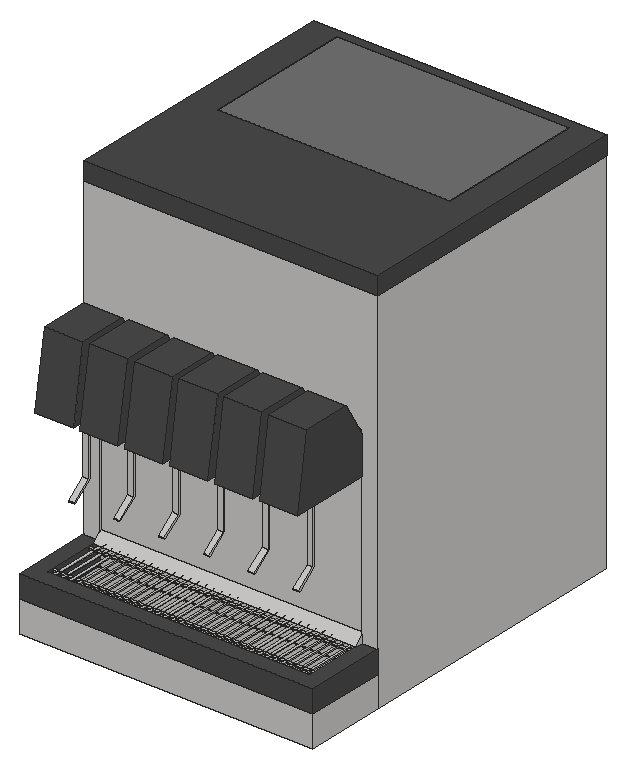
Revit family "QF_LANCER_CED 1500 STD_cat", category Specialty Equipment, Revit 2012
Parameters
  Width [instance] = 19 3/16"  # constant formula
  Weight in Pounds = 130
  Watts = 0 W
  Waste Water Discharge Temperature [instance] = -459.67 °F
  Volts = 115 V
  URL Cutsheet = "www.lancercorp.com"
  URL = "www.lancercorp.com"
  Type Mark [instance] = ""
  Status [instance] = ""
  Specification by User [instance] = ""
  Specification by Manufacturer = ""
  Show Legs [instance] = no
  Show Clearance [instance] = no
  Show 5 Valves [instance] = no
  Serial Number = ""
  Seismic Rating = ""
  SMACNA No = ""
  Revision Code [instance] = ""
  Refrigerant Type = "R134A"
  Plumbing Remarks [instance] = ""
  Plumbing Connection Type [instance] = ""
  Phase = 0
  Omniclass Number and Title = ""
  Number of Poles [instance] = 1
  NAFEM Spec ID Number = ""
  Model = "CED 1500 STD"
  Min Ckt Ampacity = 0 A
  Max Overcurrent Protection = 0 A
  Masterspec = ""
  Manufacturer = "LANCER"
  Legs [instance] = yes
  Item Number [instance] = ""
  Installed By [instance] = ""
  Indirect Waste Size = 3/4"
  Indirect Waste Flow [instance] = 0 GPM
  Indirect Waste Connection Type [instance] = ""
  Indirect Waste Connection Height = 0"
  Identify Quantity as Lot [instance] = yes
  Height [instance] = 25 3/8"  # constant formula
  HP = "1/3"
  Furnished By [instance] = ""
  Foodservice Equipment Identifier [instance] = yes
  FL Amps = 7.8 A
  Electrical Remarks [instance] = ""
  Electric Connection Type [instance] = ""
  Elec Conn RI Height [instance] = 0"
  Elec Conn Connection Height [instance] = 0"
  Description = "COUNTER ELECTRIC DISPENSER"
  Depth [instance] = 24"  # constant formula
  Cycle = 60 Hz
  Conn Plug = ""
  Conn Conduit = yes
  Cold Water Temperature Recommended [instance] = 0 °F
  Cold Water Size = 3/8"
  Cold Water RI Height [instance] = 0"
  Cold Water Minimum Pressure = 0.00 psi
  Cold Water Maximum Pressure = 0.00 psi
  Cold Water Flow [instance] = 0 GPM
  Cold Water Consumption = ""
  Cold Water Connection Height = 0"
  CSI MasterFormat = ""
  CSI Master Format = ""
  Base Height [instance] = if(Show Legs, 4", 0")  # 0"
  Apparent Power = if(Phase = 3, Volts * FL Amps * 1.73, Volts * FL Amps)  # 897 VA
  6 Valves [instance] = if(Show 5 Valves, 5, 6)  # 6
Reference planes (in)
  plane 1 "BACK": y = 0
  plane 2: z = 0
  plane 3 "LEFT": x = 0
  plane 4 "RIGHT": x = 19.1875
  plane 5 "FRONT": y = -24
  plane 6 "TOP": z = 25.375
  plane 7: x = 9.59375
  plane 8: y = -12
  plane 9: y = -18.75
  plane 10 "Base": z = 0
  plane 11: z = 3.5
  plane 12: z = 13.25
  plane 13: z = 24.1875
  plane 14: x = 2.25
  plane 15: x = 5.08367
  plane 16: x = 2.45867
  plane 17: x = 18.9375
  plane 18: x = 4.33367
  plane 19: x = 1.70867
  plane 20: x = 1
  plane 21: x = 18.1875
  plane 22: x = 16.92826
  plane 23: x = 19.76194
  plane 24: x = 17.13694
  plane 25: x = 5.18565
  plane 26: x = 8.01933
  plane 27: x = 5.39433
  plane 28: x = 8.12131
  plane 29: x = 10.95498
  plane 30: x = 8.32998
  plane 31: x = 11.05696
  plane 32: x = 13.89063
  plane 33: x = 11.26563
  plane 34: x = 13.99261
  plane 35: x = 16.82628
  plane 36: x = 14.20128
  plane 37: z = 19.73831
Forms (in)
  Extrusion 1, solid, material "QF_Finishes_Stainless Steel"
    sketch origin (-4.95282, -180, 0) x (-1, 0, 0) y (0, -1, 0)
      loop
        line (-4.95282, -161.25) -> (-24.14032, -161.25) -> (-24.14032, -179.9375) -> (-4.95282, -179.9375) -> (-4.95282, -161.25)
    from 0 to 24.19795
  Extrusion 2, solid, material "QF_Finishes_Black"
    sketch origin (-4.95282, -180, 24.19795) x (-1, 0, 0) y (0, -1, 0)
      loop
        line (-4.95282, -180) -> (-4.95282, -161.25) -> (-24.14032, -161.25) -> (-24.14032, -180) -> (-4.95282, -180)
      loop
        line (-6.95282, -169.6875) -> (-22.14032, -169.6875) -> (-22.14032, -179.4375) -> (-6.95282, -179.4375) -> (-6.95282, -169.6875)
    from 0 to 1.1875
  Extrusion 3, solid, material "QF_Finishes_Stainless Steel"
    sketch origin (-4.83017, -180, 0) x (-1, 0, 0) y (0, -1, 0)
      loop
        line (-4.83017, -161.25) -> (-4.83017, -156) -> (-24.01767, -156) -> (-24.01767, -161.25) -> (-4.83017, -161.25)
      loop
        line (-4.95366, -161.12651) -> (-4.95366, -156.12349) -> (-23.89418, -156.12349) -> (-23.89418, -161.12651) -> (-4.95366, -161.12651)
    from 0 to 2
  Extrusion 4, solid, material "QF_Finishes_Stainless Steel"
    sketch origin (-4.83017, -180, 0) x (-1, 0, 0) y (0, -1, 0)
      loop
        line (-4.95366, -161.125) -> (-4.95366, -156.12349) -> (-23.89418, -156.12349) -> (-23.89418, -161.125) -> (-4.95366, -161.125)
    from 0 to 0.25
  Sweep 5, solid, material "QF_Finishes_Black"
    path in 3D
      loop
        line (0, -18.75, 2) -> (0, -24, 2) -> (19.1875, -24, 2) -> (19.1875, -18.75, 2)
    profile origin (0, -21.375, 2) x (1, 0, 0) y (0, 0, 1)
      loop
        line (1, 0) -> (1, 1.5) -> (0, 1.5) -> (0, 0) -> (1, 0)
  Extrusion 6, solid, material "QF_Finishes_Stainless Steel"
    sketch origin (-4.86589, 0, -12.75) x (1, 0, 0) y (0, 0, 1)
      loop
        circle (6.21382, 16.13599) r 0.06312
      loop
        circle (6.72697, 16.13599) r 0.06312
      loop
        circle (7.24013, 16.13599) r 0.06312
      loop
        circle (7.75329, 16.13599) r 0.06312
      loop
        circle (8.26645, 16.13599) r 0.06312
      loop
        circle (8.77961, 16.13599) r 0.06312
      loop
        circle (9.29276, 16.13599) r 0.06312
      loop
        circle (9.80592, 16.13599) r 0.06312
      loop
        circle (10.31908, 16.13599) r 0.06312
      loop
        circle (10.83224, 16.13599) r 0.06312
      loop
        circle (11.34539, 16.13599) r 0.06312
      loop
        circle (11.85855, 16.13599) r 0.06312
      loop
        circle (12.37171, 16.13599) r 0.06312
      loop
        circle (12.88487, 16.13599) r 0.06312
      loop
        circle (13.39803, 16.13599) r 0.06312
      loop
        circle (13.91118, 16.13599) r 0.06312
      loop
        circle (14.42434, 16.13599) r 0.06312
      loop
        circle (14.9375, 16.13599) r 0.06312
      loop
        circle (15.45066, 16.13599) r 0.06312
      loop
        circle (15.96382, 16.13599) r 0.06312
      loop
        circle (16.47697, 16.13599) r 0.06312
      loop
        circle (16.99013, 16.13599) r 0.06312
      loop
        circle (17.50329, 16.13599) r 0.06312
      loop
        circle (18.01645, 16.13599) r 0.06312
      loop
        circle (18.52961, 16.13599) r 0.06312
      loop
        circle (19.04276, 16.13599) r 0.06312
      loop
        circle (19.55592, 16.13599) r 0.06312
      loop
        circle (20.06908, 16.13599) r 0.06312
      loop
        circle (20.58224, 16.13599) r 0.06312
      loop
        circle (21.09539, 16.13599) r 0.06312
      loop
        circle (21.60855, 16.13599) r 0.06312
      loop
        circle (22.12171, 16.13599) r 0.06312
      loop
        circle (22.63487, 16.13599) r 0.06312
    from 18.75 to 23
  Extrusion 7, solid, material "QF_Finishes_Stainless Steel"
    sketch origin (9.59375, 11.66928, 35.25) x (0, 1, 0) y (0, 0, 1)
      loop
        circle (-34.16267, -31.86381) r 0.06338
      loop
        circle (-31.22483, -31.86381) r 0.06338
    from -8.59375 to 8.59375
  Extrusion 8, solid, material "QF_Finishes_Stainless Steel"
    sketch origin (0, 0.125, 0) x (0, 1, 0) y (0, 0, 1)
      loop
        line (-18.75, 4.10401) -> (-19.35401, 3.5) -> (-18.75, 3.5) -> (-18.75, 4.10401)
    from 1 to 18.1875
  Extrusion 9, solid, material "QF_Finishes_Stainless Steel"
    sketch origin (0, -0.0625, 11.44042) x (1, 0, 0) y (0, 0, -1)
      loop
        circle (9.59375, -0.6875) r 0.25
      loop
        circle (18, 10.25292) r 0.1875
    from 0 to 0.0625
  Extrusion 10, solid, material "QF_Finishes_Rubber Black"
    sketch origin (-4.95282, -180, 24.19795) x (-1, 0, 0) y (0, -1, 0)
      loop
        line (-22.14032, -179.4375) -> (-6.95282, -179.4375) -> (-6.95282, -169.6875) -> (-22.14032, -169.6875) -> (-22.14032, -179.4375)
    from 0 to 1.1875
  Extrusion 11, solid, material "QF_Finishes_Black"
    sketch origin (4.07258, 4.11716, -2.375) x (0, 1, 0) y (0, 0, -1)
      loop
        line (-27.34946, -20.375) -> (-24.15857, -20.375) -> (-22.86716, -18.13821) -> (-22.86716, -15.625) -> (-28.11716, -15.625) -> (-27.34946, -20.375)
    from 0.57258 to 3.07258
  Extrusion 12, solid, material "QF_Finishes_Black"
    sketch origin (-4.57258, 4.11716, -3.19033) x (1, 0, 0) y (0, 1, 0)
      loop
        circle (6.82258, -26.65163) r 0.5
    from 15.81486 to 16.44033
  Sweep 13, solid, material "QF_Finishes_Stainless Steel"
    path origin (0.55242, 4.11716, -3.19033) x (0, 1, 0) y (0, 0, 1)
      loop
        line (-25.46144, 16.44033) -> (-25.46144, 11.90908) -> (-26.65939, 11.00636)
    profile origin (0.55242, -21.34428, 10.98437) x (1, 0, 0) y (0, 1, 0)
      loop
        line (1.51008, 0) -> (1.51008, -0.0625) -> (1.88508, -0.0625) -> (1.88508, 0) -> (1.51008, 0)
  Extrusion 14, solid, material "QF_Finishes_Black", not visible
    sketch origin (3.32258, 4.11716, 14.375) x (0, 1, 0) y (0, 0, -1)
      loop
        line (-27.34946, -20.375) -> (-24.15857, -20.375) -> (-22.86716, -18.13821) -> (-22.86716, -15.625) -> (-28.11716, -15.625) -> (-27.34946, -20.375)
    from 0.57258 to 3.07258
  Extrusion 15, solid, material "QF_Finishes_Black", not visible
    sketch origin (-5.32258, 4.11716, 13.55967) x (1, 0, 0) y (0, 1, 0)
      loop
        circle (6.82258, -26.65163) r 0.5
    from 15.81486 to 16.44033
  Extrusion 16, void
    sketch origin (19.1875, -18.75, 0) x (-1, 0, 0) y (0, 0, -1)
      loop
        line (18.1875, -16.05327) -> (18.1875, -3.5) -> (1, -3.5) -> (1, -16.05327) -> (18.1875, -16.05327)
    from 0.08328 to -0.125
  Extrusion 17, solid, material "QF_Finishes_Black"
    sketch origin (18.75084, 4.11716, -2.375) x (0, 1, 0) y (0, 0, -1)
      loop
        line (-27.34946, -20.375) -> (-24.15857, -20.375) -> (-22.86716, -18.13821) -> (-22.86716, -15.625) -> (-28.11716, -15.625) -> (-27.34946, -20.375)
    from 0.57258 to 3.07258
  Extrusion 18, solid, material "QF_Finishes_Black"
    sketch origin (10.10569, 4.11716, -3.19033) x (1, 0, 0) y (0, 1, 0)
      loop
        circle (6.82258, -26.65163) r 0.5
    from 15.81486 to 16.44033
  Sweep 19, solid, material "QF_Finishes_Stainless Steel"
    path origin (15.23069, 4.11716, -3.19033) x (0, 1, 0) y (0, 0, 1)
      loop
        line (-25.46144, 16.44033) -> (-25.46144, 11.90908) -> (-26.65939, 11.00636)
    profile origin (15.23069, -21.34428, 10.98437) x (1, 0, 0) y (0, 1, 0)
      loop
        line (1.51008, 0) -> (1.51008, -0.0625) -> (1.88508, -0.0625) -> (1.88508, 0) -> (1.51008, 0)
  Extrusion 20, solid, material "QF_Finishes_Black"
    sketch origin (7.00823, 4.11716, -2.375) x (0, 1, 0) y (0, 0, -1)
      loop
        line (-27.34946, -20.375) -> (-24.15857, -20.375) -> (-22.86716, -18.13821) -> (-22.86716, -15.625) -> (-28.11716, -15.625) -> (-27.34946, -20.375)
    from 0.57258 to 3.07258
  Extrusion 21, solid, material "QF_Finishes_Black"
    sketch origin (-1.63692, 4.11716, -3.19033) x (1, 0, 0) y (0, 1, 0)
      loop
        circle (6.82258, -26.65163) r 0.5
    from 15.81486 to 16.44033
  Sweep 22, solid, material "QF_Finishes_Stainless Steel"
    path origin (3.48808, 4.11716, -3.19033) x (0, 1, 0) y (0, 0, 1)
      loop
        line (-25.46144, 16.44033) -> (-25.46144, 11.90908) -> (-26.65939, 11.00636)
    profile origin (3.48808, -21.34428, 10.98437) x (1, 0, 0) y (0, 1, 0)
      loop
        line (1.51008, 0) -> (1.51008, -0.0625) -> (1.88508, -0.0625) -> (1.88508, 0) -> (1.51008, 0)
  Extrusion 23, solid, material "QF_Finishes_Black"
    sketch origin (9.94388, 4.11716, -2.375) x (0, 1, 0) y (0, 0, -1)
      loop
        line (-27.34946, -20.375) -> (-24.15857, -20.375) -> (-22.86716, -18.13821) -> (-22.86716, -15.625) -> (-28.11716, -15.625) -> (-27.34946, -20.375)
    from 0.57258 to 3.07258
  Extrusion 24, solid, material "QF_Finishes_Black"
    sketch origin (1.29873, 4.11716, -3.19033) x (1, 0, 0) y (0, 1, 0)
      loop
        circle (6.82258, -26.65163) r 0.5
    from 15.81486 to 16.44033
  Sweep 25, solid, material "QF_Finishes_Stainless Steel"
    path origin (6.42373, 4.11716, -3.19033) x (0, 1, 0) y (0, 0, 1)
      loop
        line (-25.46144, 16.44033) -> (-25.46144, 11.90908) -> (-26.65939, 11.00636)
    profile origin (6.42373, -21.34428, 10.98437) x (1, 0, 0) y (0, 1, 0)
      loop
        line (1.51008, 0) -> (1.51008, -0.0625) -> (1.88508, -0.0625) -> (1.88508, 0) -> (1.51008, 0)
  Extrusion 26, solid, material "QF_Finishes_Black"
    sketch origin (12.87954, 4.11716, -2.375) x (0, 1, 0) y (0, 0, -1)
      loop
        line (-27.34946, -20.375) -> (-24.15857, -20.375) -> (-22.86716, -18.13821) -> (-22.86716, -15.625) -> (-28.11716, -15.625) -> (-27.34946, -20.375)
    from 0.57258 to 3.07258
  Extrusion 27, solid, material "QF_Finishes_Black"
    sketch origin (4.23438, 4.11716, -3.19033) x (1, 0, 0) y (0, 1, 0)
      loop
        circle (6.82258, -26.65163) r 0.5
    from 15.81486 to 16.44033
  Sweep 28, solid, material "QF_Finishes_Stainless Steel"
    path origin (9.35938, 4.11716, -3.19033) x (0, 1, 0) y (0, 0, 1)
      loop
        line (-25.46144, 16.44033) -> (-25.46144, 11.90908) -> (-26.65939, 11.00636)
    profile origin (9.35938, -21.34428, 10.98437) x (1, 0, 0) y (0, 1, 0)
      loop
        line (1.51008, 0) -> (1.51008, -0.0625) -> (1.88508, -0.0625) -> (1.88508, 0) -> (1.51008, 0)
  Extrusion 29, solid, material "QF_Finishes_Black"
    sketch origin (15.81519, 4.11716, -2.375) x (0, 1, 0) y (0, 0, -1)
      loop
        line (-27.34946, -20.375) -> (-24.15857, -20.375) -> (-22.86716, -18.13821) -> (-22.86716, -15.625) -> (-28.11716, -15.625) -> (-27.34946, -20.375)
    from 0.57258 to 3.07258
  Extrusion 30, solid, material "QF_Finishes_Black"
    sketch origin (7.17003, 4.11716, -3.19033) x (1, 0, 0) y (0, 1, 0)
      loop
        circle (6.82258, -26.65163) r 0.5
    from 15.81486 to 16.44033
  Sweep 31, solid, material "QF_Finishes_Stainless Steel"
    path origin (12.29503, 4.11716, -3.19033) x (0, 1, 0) y (0, 0, 1)
      loop
        line (-25.46144, 16.44033) -> (-25.46144, 11.90908) -> (-26.65939, 11.00636)
    profile origin (12.29503, -21.34428, 10.98437) x (1, 0, 0) y (0, 1, 0)
      loop
        line (1.51008, 0) -> (1.51008, -0.0625) -> (1.88508, -0.0625) -> (1.88508, 0) -> (1.51008, 0)
  Revolve 32, solid, material "QF_Finishes_Stainless Steel"
    sketch origin (17.56792, 33.43065, -12.75) x (0, -1, 0) y (0, 0, 1)
      loop
        line (34.80565, 12.75) -> (35.19933, 12.75) -> (35.19933, 13.38122) -> (35.41717, 13.38122) -> (35.55191, 16.75) -> (34.80565, 16.75) -> (34.80565, 12.75)
      axis (34.80565, 16.75) -> (34.80565, 12.75)
    angle from 0 to 360
  Revolve 33, solid, material "QF_Finishes_Stainless Steel", not visible
    sketch origin (17.63042, 33.43065, 0) x (0, -1, 0) y (0, 0, 1)
      loop
        line (34.80565, 12.75) -> (35.19933, 12.75) -> (35.19933, 13.38122) -> (35.41717, 13.38122) -> (35.55191, 16.75) -> (34.80565, 16.75) -> (34.80565, 12.75)
      axis (34.80565, 16.75) -> (34.80565, 12.75)
    angle from 0 to 360
  Revolve 34, solid, material "QF_Finishes_Stainless Steel"
    sketch origin (17.55708, -18.18065, -12.75) x (0, 1, 0) y (0, 0, 1)
      loop
        line (1.55565, 12.75) -> (1.55565, 16.75) -> (0.80939, 16.75) -> (0.94413, 13.38122) -> (1.16197, 13.38122) -> (1.16197, 12.75) -> (1.55565, 12.75)
      axis (1.55565, 16.75) -> (1.55565, 12.75)
    angle from 0 to 360
  Revolve 35, solid, material "QF_Finishes_Stainless Steel"
    sketch origin (1.55708, -2.93065, -12.75) x (0, 1, 0) y (0, 0, 1)
      loop
        line (1.55565, 12.75) -> (1.55565, 16.75) -> (0.80939, 16.75) -> (0.94413, 13.38122) -> (1.16197, 13.38122) -> (1.16197, 12.75) -> (1.55565, 12.75)
      axis (1.55565, 16.75) -> (1.55565, 12.75)
    angle from 0 to 360
  Revolve 36, solid, material "QF_Finishes_Stainless Steel"
    sketch origin (1.55708, -18.18065, -12.75) x (0, 1, 0) y (0, 0, 1)
      loop
        line (1.55565, 12.75) -> (1.55565, 16.75) -> (0.80939, 16.75) -> (0.94413, 13.38122) -> (1.16197, 13.38122) -> (1.16197, 12.75) -> (1.55565, 12.75)
      axis (1.55565, 16.75) -> (1.55565, 12.75)
    angle from 0 to 360
  Revolve 37, solid, material "QF_Finishes_Stainless Steel"
    sketch origin (17.55708, -18.18065, -12.75) x (0, 1, 0) y (0, 0, 1)
      loop
        line (1.55565, 12.75) -> (1.55565, 16.75) -> (0.80939, 16.75) -> (0.94413, 13.38122) -> (1.16197, 13.38122) -> (1.16197, 12.75) -> (1.55565, 12.75)
      axis (1.55565, 16.75) -> (1.55565, 12.75)
    angle from 0 to 360
  Revolve 38, solid, material "QF_Finishes_Stainless Steel"
    sketch origin (17.55708, -2.93065, -12.75) x (0, 1, 0) y (0, 0, 1)
      loop
        line (1.55565, 12.75) -> (1.55565, 16.75) -> (0.80939, 16.75) -> (0.94413, 13.38122) -> (1.16197, 13.38122) -> (1.16197, 12.75) -> (1.55565, 12.75)
      axis (1.55565, 16.75) -> (1.55565, 12.75)
    angle from 0 to 360
  Revolve 39, solid, material "QF_Finishes_Stainless Steel"
    sketch origin (17.55708, -18.18065, -12.75) x (0, 1, 0) y (0, 0, 1)
      loop
        line (1.55565, 12.75) -> (1.55565, 16.75) -> (0.80939, 16.75) -> (0.94413, 13.38122) -> (1.16197, 13.38122) -> (1.16197, 12.75) -> (1.55565, 12.75)
      axis (1.55565, 16.75) -> (1.55565, 12.75)
    angle from 0 to 360
  Extrusion 40, solid, material "QF_Finishes_Stainless Steel"
    sketch origin (-4.62857, -179.76314, 0) x (0, -1, 0) y (-1, 0, 0)
      loop
        circle (-158.38814, -14.22232) r 0.375
    from 0 to 0.0625
Cuts and joins
  Extrusion 16 cuts Extrusion 1
Lines and regions (in)
  Split face 1
    outline origin (7.71773, -23.23196, 18.00209) x (0, -0.159551, -0.98719) y (1, 0, 0)
      loop
        line (3.50126, -4.28023) -> (0.06462, -4.28023) -> (0.06462, -6.65523) -> (3.50126, -6.65523) -> (3.50126, -4.28023)
  Split face 2, not visible
    outline origin (6.96773, -23.23196, 34.75209) x (0, -0.159551, -0.98719) y (1, 0, 0)
      loop
        line (3.50126, -4.28023) -> (0.06462, -4.28023) -> (0.06462, -6.65523) -> (3.50126, -6.65523) -> (3.50126, -4.28023)
  Split face 3
    outline origin (22.396, -23.23196, 18.00209) x (0, -0.159551, -0.98719) y (1, 0, 0)
      loop
        line (3.50126, -4.28023) -> (0.06462, -4.28023) -> (0.06462, -6.65523) -> (3.50126, -6.65523) -> (3.50126, -4.28023)
  Split face 4
    outline origin (10.65339, -23.23196, 18.00209) x (0, -0.159551, -0.98719) y (1, 0, 0)
      loop
        line (3.50126, -4.28023) -> (0.06462, -4.28023) -> (0.06462, -6.65523) -> (3.50126, -6.65523) -> (3.50126, -4.28023)
  Split face 5
    outline origin (13.58904, -23.23196, 18.00209) x (0, -0.159551, -0.98719) y (1, 0, 0)
      loop
        line (3.50126, -4.28023) -> (0.06462, -4.28023) -> (0.06462, -6.65523) -> (3.50126, -6.65523) -> (3.50126, -4.28023)
  Split face 6
    outline origin (16.52469, -23.23196, 18.00209) x (0, -0.159551, -0.98719) y (1, 0, 0)
      loop
        line (3.50126, -4.28023) -> (0.06462, -4.28023) -> (0.06462, -6.65523) -> (3.50126, -6.65523) -> (3.50126, -4.28023)
  Split face 7
    outline origin (19.46035, -23.23196, 18.00209) x (0, -0.159551, -0.98719) y (1, 0, 0)
      loop
        line (3.50126, -4.28023) -> (0.06462, -4.28023) -> (0.06462, -6.65523) -> (3.50126, -6.65523) -> (3.50126, -4.28023)
  Split face 8
    outline origin (-4.95282, -180, 25.38545) x (-1, 0, 0) y (0, -1, 0)
      loop
        line (-6.95282, -179.16234) -> (-22.14032, -179.16234)
      loop
        line (-6.95282, -178.66234) -> (-22.14032, -178.66234)
      loop
        line (-6.95282, -178.16234) -> (-22.14032, -178.16234)
      loop
        line (-6.95282, -177.66234) -> (-22.14032, -177.66234)
      loop
        line (-6.95282, -177.16234) -> (-22.14032, -177.16234)
      loop
        line (-6.95282, -176.66234) -> (-22.14032, -176.66234)
      loop
        line (-6.95282, -176.16234) -> (-22.14032, -176.16234)
      loop
        line (-6.95282, -175.66234) -> (-22.14032, -175.66234)
      loop
        line (-6.95282, -175.16234) -> (-22.14032, -175.16234)
      loop
        line (-6.95282, -174.66234) -> (-22.14032, -174.66234)
      loop
        line (-6.95282, -174.16234) -> (-22.14032, -174.16234)
      loop
        line (-6.95282, -173.66234) -> (-22.14032, -173.66234)
      loop
        line (-6.95282, -173.16234) -> (-22.14032, -173.16234)
      loop
        line (-6.95282, -172.66234) -> (-22.14032, -172.66234)
      loop
        line (-6.95282, -172.16234) -> (-22.14032, -172.16234)
      loop
        line (-6.95282, -171.66234) -> (-22.14032, -171.66234)
      loop
        line (-6.95282, -171.16234) -> (-22.14032, -171.16234)
      loop
        line (-6.95282, -170.66234) -> (-22.14032, -170.66234)
      loop
        line (-6.95282, -170.16234) -> (-22.14032, -170.16234)
  Split face 9
    outline origin (19.1875, -18.75, 24.19795) x (0, 0, -1) y (0, 1, 0)
      loop
        line (8.58464, 0) -> (8.58464, 18.6875)
  Split face 10
    outline origin (0, -0.0625, 24.19795) x (0, 0, -1) y (0, -1, 0)
      loop
        line (8.58464, 18.6875) -> (8.58464, 0)
  Split face 11
    outline origin (0, -18.75, 11.44795) x (0, 0, -1) y (1, 0, 0)
      loop
        line (-4.16536, 0) -> (-4.16536, 1)
      loop
        line (-4.16536, 18.1875) -> (-4.16536, 19.1875)
  symbolic lines
    curve 1: line (0, -24, 0) -> (19.1875, -24, 0)
    curve 2: line (19.1875, -18.75, 0) -> (0, -18.75, 0)
    curve 3: line (0, -18.75, 0) -> (0, -24, 0)
    curve 7: line (19.1875, 0, 0) -> (0, 0, 0)
    curve 8: line (19.1875, -24, 0) -> (19.1875, 0, 0)
    curve 9: line (0, 0, 0) -> (0, -18.75, 0)
    curve 10: line (3.5, -19.7623, 0) -> (1, -19.7623, 0)
    curve 11: line (1, -18.75, 0) -> (1, -24, 0)
    curve 12: line (3.5, -24, 0) -> (3.5, -18.75, 0)
    curve 13: line (1, -23.41592, 0) -> (3.5, -23.41592, 0)
    curve 14: line (18.17826, -19.7623, 0) -> (15.67826, -19.7623, 0)
    curve 15: line (15.67826, -18.75, 0) -> (15.67826, -24, 0)
    curve 16: line (18.17826, -24, 0) -> (18.17826, -18.75, 0)
    curve 17: line (15.67826, -23.41592, 0) -> (18.17826, -23.41592, 0)
    curve 18: line (6.43565, -19.7623, 0) -> (3.93565, -19.7623, 0)
    curve 19: line (3.93565, -18.75, 0) -> (3.93565, -24, 0)
    curve 20: line (6.43565, -24, 0) -> (6.43565, -18.75, 0)
    curve 21: line (3.93565, -23.41592, 0) -> (6.43565, -23.41592, 0)
    curve 22: line (9.37131, -19.7623, 0) -> (6.87131, -19.7623, 0)
    curve 23: line (6.87131, -18.75, 0) -> (6.87131, -24, 0)
    curve 24: line (9.37131, -24, 0) -> (9.37131, -18.75, 0)
    curve 25: line (6.87131, -23.41592, 0) -> (9.37131, -23.41592, 0)
    curve 26: line (12.30696, -19.7623, 0) -> (9.80696, -19.7623, 0)
    curve 27: line (9.80696, -18.75, 0) -> (9.80696, -24, 0)
    curve 28: line (12.30696, -24, 0) -> (12.30696, -18.75, 0)
    curve 29: line (9.80696, -23.41592, 0) -> (12.30696, -23.41592, 0)
    curve 30: line (15.24261, -19.7623, 0) -> (12.74261, -19.7623, 0)
    curve 31: line (12.74261, -18.75, 0) -> (12.74261, -24, 0)
    curve 32: line (15.24261, -24, 0) -> (15.24261, -18.75, 0)
    curve 33: line (12.74261, -23.41592, 0) -> (15.24261, -23.41592, 0)
    curve 34: line (17.1875, -0.5625, 0) -> (2, -0.5625, 0)
    curve 35: line (2, -0.5625, 0) -> (2, -10.3125, 0)
    curve 36: line (17.1875, -10.3125, 0) -> (17.1875, -0.5625, 0)
    curve 37: line (2, -10.3125, 0) -> (17.1875, -10.3125, 0)
    curve 38: line (2, -0.83766, 0) -> (17.1875, -0.83766, 0)
    curve 39: line (2, -1.33766, 0) -> (17.1875, -1.33766, 0)
    curve 40: line (2, -1.83766, 0) -> (17.1875, -1.83766, 0)
    curve 41: line (2, -2.33766, 0) -> (17.1875, -2.33766, 0)
    curve 42: line (2, -2.83766, 0) -> (17.1875, -2.83766, 0)
    curve 43: line (2, -3.33766, 0) -> (17.1875, -3.33766, 0)
    curve 44: line (2, -3.83766, 0) -> (17.1875, -3.83766, 0)
    curve 45: line (2, -4.33766, 0) -> (17.1875, -4.33766, 0)
    curve 46: line (2, -4.83766, 0) -> (17.1875, -4.83766, 0)
    curve 47: line (2, -5.33766, 0) -> (17.1875, -5.33766, 0)
    curve 48: line (2, -5.83766, 0) -> (17.1875, -5.83766, 0)
    curve 49: line (2, -6.33766, 0) -> (17.1875, -6.33766, 0)
    curve 50: line (2, -6.83766, 0) -> (17.1875, -6.83766, 0)
    curve 51: line (2, -7.33766, 0) -> (17.1875, -7.33766, 0)
    curve 52: line (2, -7.83766, 0) -> (17.1875, -7.83766, 0)
    curve 53: line (2, -8.33766, 0) -> (17.1875, -8.33766, 0)
    curve 54: line (2, -8.83766, 0) -> (17.1875, -8.83766, 0)
    curve 55: line (2, -9.33766, 0) -> (17.1875, -9.33766, 0)
    curve 56: line (17.1875, -9.83766, 0) -> (2, -9.83766, 0)
    curve 57: line (6, -0.5625, 0) -> (6, -10.3125, 0)
    curve 58: line (9.59375, -0.5625, 0) -> (9.59375, -10.3125, 0)
    curve 59: line (13.34375, -0.5625, 0) -> (13.34375, -10.3125, 0)
  sketch lines
    curve 4: line (0, -18.75, 2) -> (0, -24, 2)
    curve 5: line (0, -24, 2) -> (19.1875, -24, 2)
    curve 6: line (19.1875, -24, 2) -> (19.1875, -18.75, 2)
Dimensions and locks (in)
  "Width": plane 3 "LEFT" to plane 4 "RIGHT"
  "Depth": plane 5 "FRONT" to plane 1 "BACK"
  equal spacing: plane 3 "LEFT", plane 7, plane 4 "RIGHT"
  equal spacing: plane 5 "FRONT", plane 8, plane 1 "BACK"
  plane 9 to plane 5 "FRONT" = 5 1/4"
  "Base Height": plane 10 "Base" to level
  plane 12 to plane 11 to plane 10 "Base" = 9 3/4", 3 1/2"
  plane 9 to plane 1 "BACK" = 18 3/4"
  plane 21 to plane 4 "RIGHT" = 1"
  plane 20 to plane 3 "LEFT" = 1"
  equal spacing: group 2, group 7, group 9, group 11, group 13, group 5  (x2)
  equal spacing: group 5, group 13, group 11, group 9, group 7, group 2
  "Height": plane 6 "TOP" to plane 10 "Base"
  group 14 to group 16 = 1/16"
  group 16 to group 14 = 15 1/4"
  group 14 to group 16 = 0"
  aligned and locked: level to plane 2
  aligned and locked: plane 12 to Extrusion 17
  aligned and locked: plane 12 to Extrusion 29
  aligned and locked: plane 12 to Extrusion 26
  aligned and locked: plane 12 to Extrusion 23
  aligned and locked: plane 12 to Extrusion 20
  aligned and locked: plane 12 to Extrusion 11
Automatic sketch dimensions
  Extrusion 11 to Split face 1 sketch curve = 1/16"
  Split face 1 sketch curve to Extrusion 11 = 1/16"  (x2)
  Split face 1 sketch curve to Extrusion 11 = 1 5/16"
  plane 16 to Extrusion 12 sketch curve = 0.20867"
  Sweep 13 sketch curve to Sweep 13 sketch curve = 1.19795"
  Sweep 13 sketch curve to Sweep 13 sketch curve = 0.90272"
  profile plane to Sweep 13 sketch curve = 0"
  profile plane to Sweep 13 sketch curve = 1/16"
  plane 14 to Sweep 13 sketch curve = 3/16"
  Sweep 13 sketch curve to plane 14 = 3/16"
  Extrusion 11 sketch curve to Extrusion 11 sketch curve = 0.7677"
  Extrusion 11 sketch curve to Extrusion 11 sketch curve = 3.19089"
  Extrusion 11 sketch curve to Extrusion 11 sketch curve = 1.29141"
  Extrusion 11 sketch curve to Extrusion 11 sketch curve = 2.23679"
  Extrusion 11 sketch curve to Extrusion 11 sketch curve = 2.51321"
  Sweep 13 sketch curve to Sweep 13 sketch curve = 4 17/32"
  Extrusion 14 to Split face 2 sketch curve = 1/16"
  Split face 2 sketch curve to Extrusion 14 = 1/16"  (x2)
  Split face 2 sketch curve to Extrusion 14 = 1 5/16"
  plane 19 to Extrusion 15 sketch curve = 0.20867"
  Extrusion 14 sketch curve to Extrusion 14 sketch curve = 0.7677"
  Extrusion 14 sketch curve to Extrusion 14 sketch curve = 3.19089"
  Extrusion 14 sketch curve to Extrusion 14 sketch curve = 1.29141"
  Extrusion 14 sketch curve to Extrusion 14 sketch curve = 2.23679"
  Extrusion 14 sketch curve to Extrusion 14 sketch curve = 2.51321"
  Extrusion 17 to Split face 3 sketch curve = 1/16"
  Split face 3 sketch curve to Extrusion 17 = 1/16"  (x2)
  Split face 3 sketch curve to Extrusion 17 = 1 5/16"
  plane 24 to Extrusion 18 sketch curve = 0.20867"
  Sweep 19 sketch curve to Sweep 19 sketch curve = 1.19795"
  Sweep 19 sketch curve to Sweep 19 sketch curve = 0.90272"
  profile plane to Sweep 19 sketch curve = 0"
  profile plane to Sweep 19 sketch curve = 1/16"
  plane 22 to Sweep 19 sketch curve = 3/16"
  Sweep 19 sketch curve to plane 22 = 3/16"
  Extrusion 17 sketch curve to Extrusion 17 sketch curve = 0.7677"
  Extrusion 17 sketch curve to Extrusion 17 sketch curve = 3.19089"
  Extrusion 17 sketch curve to Extrusion 17 sketch curve = 1.29141"
  Extrusion 17 sketch curve to Extrusion 17 sketch curve = 2.23679"
  Extrusion 17 sketch curve to Extrusion 17 sketch curve = 2.51321"
  Sweep 19 sketch curve to Sweep 19 sketch curve = 4 17/32"
  Extrusion 20 to Split face 4 sketch curve = 1/16"
  Split face 4 sketch curve to Extrusion 20 = 1/16"  (x2)
  Split face 4 sketch curve to Extrusion 20 = 1 5/16"
  plane 27 to Extrusion 21 sketch curve = 0.20867"
  Sweep 22 sketch curve to Sweep 22 sketch curve = 1.19795"
  Sweep 22 sketch curve to Sweep 22 sketch curve = 0.90272"
  profile plane to Sweep 22 sketch curve = 0"
  profile plane to Sweep 22 sketch curve = 1/16"
  plane 25 to Sweep 22 sketch curve = 3/16"
  Sweep 22 sketch curve to plane 25 = 3/16"
  Extrusion 20 sketch curve to Extrusion 20 sketch curve = 0.7677"
  Extrusion 20 sketch curve to Extrusion 20 sketch curve = 3.19089"
  Extrusion 20 sketch curve to Extrusion 20 sketch curve = 1.29141"
  Extrusion 20 sketch curve to Extrusion 20 sketch curve = 2.23679"
  Extrusion 20 sketch curve to Extrusion 20 sketch curve = 2.51321"
  Sweep 22 sketch curve to Sweep 22 sketch curve = 4 17/32"
  Extrusion 23 to Split face 5 sketch curve = 1/16"
  Split face 5 sketch curve to Extrusion 23 = 1/16"  (x2)
  Split face 5 sketch curve to Extrusion 23 = 1 5/16"
  plane 30 to Extrusion 24 sketch curve = 0.20867"
  Sweep 25 sketch curve to Sweep 25 sketch curve = 1.19795"
  Sweep 25 sketch curve to Sweep 25 sketch curve = 0.90272"
  profile plane to Sweep 25 sketch curve = 0"
  profile plane to Sweep 25 sketch curve = 1/16"
  plane 28 to Sweep 25 sketch curve = 3/16"
  Sweep 25 sketch curve to plane 28 = 3/16"
  Extrusion 23 sketch curve to Extrusion 23 sketch curve = 0.7677"
  Extrusion 23 sketch curve to Extrusion 23 sketch curve = 3.19089"
  Extrusion 23 sketch curve to Extrusion 23 sketch curve = 1.29141"
  Extrusion 23 sketch curve to Extrusion 23 sketch curve = 2.23679"
  Extrusion 23 sketch curve to Extrusion 23 sketch curve = 2.51321"
  Sweep 25 sketch curve to Sweep 25 sketch curve = 4 17/32"
  Extrusion 26 to Split face 6 sketch curve = 1/16"
  Split face 6 sketch curve to Extrusion 26 = 1/16"  (x2)
  Split face 6 sketch curve to Extrusion 26 = 1 5/16"
  plane 33 to Extrusion 27 sketch curve = 0.20867"
  Sweep 28 sketch curve to Sweep 28 sketch curve = 1.19795"
  Sweep 28 sketch curve to Sweep 28 sketch curve = 0.90272"
  profile plane to Sweep 28 sketch curve = 0"
  profile plane to Sweep 28 sketch curve = 1/16"
  plane 31 to Sweep 28 sketch curve = 3/16"
  Sweep 28 sketch curve to plane 31 = 3/16"
  Extrusion 26 sketch curve to Extrusion 26 sketch curve = 0.7677"
  Extrusion 26 sketch curve to Extrusion 26 sketch curve = 3.19089"
  Extrusion 26 sketch curve to Extrusion 26 sketch curve = 1.29141"
  Extrusion 26 sketch curve to Extrusion 26 sketch curve = 2.23679"
  Extrusion 26 sketch curve to Extrusion 26 sketch curve = 2.51321"
  Sweep 28 sketch curve to Sweep 28 sketch curve = 4 17/32"
  Extrusion 29 to Split face 7 sketch curve = 1/16"
  Split face 7 sketch curve to Extrusion 29 = 1/16"  (x2)
  Split face 7 sketch curve to Extrusion 29 = 1 5/16"
  plane 36 to Extrusion 30 sketch curve = 0.20867"
  Sweep 31 sketch curve to Sweep 31 sketch curve = 1.19795"
  Sweep 31 sketch curve to Sweep 31 sketch curve = 0.90272"
  profile plane to Sweep 31 sketch curve = 0"
  profile plane to Sweep 31 sketch curve = 1/16"
  plane 34 to Sweep 31 sketch curve = 3/16"
  Sweep 31 sketch curve to plane 34 = 3/16"
  Extrusion 29 sketch curve to Extrusion 29 sketch curve = 0.7677"
  Extrusion 29 sketch curve to Extrusion 29 sketch curve = 3.19089"
  Extrusion 29 sketch curve to Extrusion 29 sketch curve = 1.29141"
  Extrusion 29 sketch curve to Extrusion 29 sketch curve = 2.23679"
  Extrusion 29 sketch curve to Extrusion 29 sketch curve = 2.51321"
  Sweep 31 sketch curve to Sweep 31 sketch curve = 4 17/32"
  curve 12 to curve 11 = 2 1/2"
  curve 11 to curve 12 = 0"
  curve 11 to curve 10 = 1.0123"
  curve 10 to curve 13 = 3.65361"
  curve 13 to curve 12 = 0.58408"
  curve 13 to curve 11 = 0.58408"
  curve 16 to curve 15 = 2 1/2"
  curve 15 to curve 16 = 0"
  curve 15 to curve 14 = 1.0123"
  curve 14 to curve 17 = 3.65361"
  curve 17 to curve 16 = 0.58408"
  curve 17 to curve 15 = 0.58408"
  curve 20 to curve 19 = 2 1/2"
  curve 19 to curve 20 = 0"
  curve 19 to curve 18 = 1.0123"
  curve 18 to curve 21 = 3.65361"
  curve 21 to curve 20 = 0.58408"
  curve 21 to curve 19 = 0.58408"
  curve 24 to curve 23 = 2 1/2"
  curve 23 to curve 24 = 0"
  curve 23 to curve 22 = 1.0123"
  curve 22 to curve 25 = 3.65361"
  curve 25 to curve 24 = 0.58408"
  curve 25 to curve 23 = 0.58408"
  curve 28 to curve 27 = 2 1/2"
  curve 27 to curve 28 = 0"
  curve 27 to curve 26 = 1.0123"
  curve 26 to curve 29 = 3.65361"
  curve 29 to curve 28 = 0.58408"
  curve 29 to curve 27 = 0.58408"
  curve 32 to curve 31 = 2 1/2"
  curve 31 to curve 32 = 0"
  curve 31 to curve 30 = 1.0123"
  curve 30 to curve 33 = 3.65361"
  curve 33 to curve 32 = 0.58408"
  curve 33 to curve 31 = 0.58408"
  Extrusion 1 sketch curve to plane 4 "RIGHT" = 0"
  Extrusion 1 sketch curve to plane 3 "LEFT" = 0"
  Extrusion 1 sketch curve to plane 9 = 0"
  plane 1 "BACK" to Extrusion 1 sketch curve = 1/16"
  curve 8 to plane 4 "RIGHT" = 0"
  curve 58 to plane 7 = 0"
  curve 9 to plane 3 "LEFT" = 0"
  curve 3 to plane 3 "LEFT" = 0"
  curve 2 to plane 9 = 0"
  plane 5 "FRONT" to curve 3 = 0"
  curve 41 to plane 21 = 1"
  plane 8 to curve 59 = 1 11/16"
  plane 7 to curve 59 = 3 3/4"
  curve 58 to curve 57 = 3 19/32"
  plane 20 to curve 45 = 1"
  curve 56 to curve 36 = 0.47484"
  curve 55 to curve 56 = 1/2"
  curve 54 to curve 55 = 1/2"
  curve 53 to curve 54 = 1/2"
  curve 52 to curve 53 = 1/2"
  curve 51 to curve 52 = 1/2"
  curve 50 to curve 51 = 1/2"
  curve 49 to curve 50 = 1/2"
  curve 48 to curve 49 = 1/2"
  curve 47 to curve 48 = 1/2"
  curve 46 to curve 47 = 1/2"
  curve 45 to curve 46 = 1/2"
  curve 44 to curve 45 = 1/2"
  curve 43 to curve 44 = 1/2"
  curve 42 to curve 43 = 1/2"
  curve 41 to curve 42 = 1/2"
  curve 40 to curve 41 = 1/2"
  curve 39 to curve 40 = 1/2"
  curve 38 to curve 39 = 1/2"
  curve 34 to curve 38 = 0.27516"
  plane 1 "BACK" to curve 8 = 0"
  Extrusion 1 to Extrusion 2 sketch curve = 0"
  Extrusion 2 sketch curve to Extrusion 1 = 0"  (x2)
  Extrusion 1 to Extrusion 2 sketch curve = 1/16"
  Extrusion 2 sketch curve to Extrusion 1 = 2"  (x2)
  Extrusion 2 sketch curve to Extrusion 1 = 1/2"
  Extrusion 2 sketch curve to Extrusion 1 = 8 7/16"
  Extrusion 3 sketch curve to plane 4 "RIGHT" = 0"
  Extrusion 3 sketch curve to plane 3 "LEFT" = 0"
  Extrusion 3 sketch curve to plane 9 = 0"
  plane 5 "FRONT" to Extrusion 3 sketch curve = 0"
  plane 4 "RIGHT" to Extrusion 3 sketch curve = 0.12349"
  plane 3 "LEFT" to Extrusion 3 sketch curve = 0.12349"
  Extrusion 3 sketch curve to plane 9 = 0.12349"
  Extrusion 3 sketch curve to plane 5 "FRONT" = 0.12349"
  plane 4 "RIGHT" to Extrusion 4 sketch curve = 0.12349"
  plane 3 "LEFT" to Extrusion 4 sketch curve = 0.12349"
  Extrusion 4 sketch curve to plane 9 = 1/8"
  Extrusion 4 sketch curve to plane 5 "FRONT" = 0.12349"
  profile plane to Sweep 5 sketch curve = 0"
  Sweep 5 sketch curve to profile plane = 0"
  Sweep 5 sketch curve to Sweep 5 sketch curve = 1"
  profile plane to Sweep 5 sketch curve = 1 1/2"
  plane 11 to Extrusion 6 sketch curve = 0.11401"  (x33)
  plane 20 to Extrusion 6 sketch curve = 0.34793"
  Extrusion 6 sketch curve to Extrusion 6 sketch curve = 0.51316"  (x29)
  Extrusion 6 sketch curve to plane 7 = 0.03529"
  plane 7 to Extrusion 6 sketch curve = 0.47786"
  Extrusion 6 sketch curve to plane 21 = 0.41852"
  plane 11 to Extrusion 7 sketch curve = 0.11381"  (x2)
  Extrusion 7 sketch curve to plane 5 "FRONT" = 1.50662"
  Extrusion 7 sketch curve to plane 9 = 0.80555"
  plane 11 to Extrusion 8 sketch curve = 0"
  Extrusion 8 sketch curve to plane 9 = 0.47901"
  plane 9 to Extrusion 8 sketch curve = 1/8"
  Extrusion 8 sketch curve to plane 11 = 0.60401"
  Extrusion 10 sketch curve to Extrusion 1 = 1/2"
  Extrusion 10 sketch curve to Extrusion 1 = 2"  (x2)
  Extrusion 10 sketch curve to Extrusion 1 = 8 7/16"
  Extrusion 16 sketch curve to Extrusion 1 = 1"
  Extrusion 1 to Extrusion 16 sketch curve = 1"
  Extrusion 1 to Extrusion 16 sketch curve = 8.14468"
  Extrusion 1 to Extrusion 16 sketch curve = 3 1/2"
  Split face 8 sketch curve to Extrusion 10 = 0"  (x38)
  Split face 8 sketch curve to Extrusion 10 = 0.27516"
  Split face 8 sketch curve to Split face 8 sketch curve = 1/2"  (x17)
  Split face 8 sketch curve to Extrusion 10 = 0.47484"
  Split face 10 sketch curve to cut or joined group of Extrusion 1, Extrusion 16 = 0"  (x2)
  cut or joined group of Extrusion 1, Extrusion 16 to Split face 11 sketch curve = 0"  (x2)
  Split face 11 sketch curve to cut or joined group of Extrusion 1, Extrusion 16 = 0"  (x2)
  Revolve 32 sketch curve to Revolve 32 sketch curve = 0.21784"
  Revolve 32 sketch curve to Revolve 32 sketch curve = 0.39368"
  Revolve 32 sketch curve to Revolve 32 sketch curve = 4"
  Revolve 32 sketch curve to Revolve 32 sketch curve = 0.13474"
  Revolve 32 sketch curve to Revolve 32 sketch curve = 0"
  Revolve 32 sketch curve to Revolve 32 sketch curve = 1 3/4"
  Revolve 32 sketch curve to Revolve 32 sketch curve = 0.63122"
  Revolve 32 sketch curve to Revolve 32 sketch curve = 3.36878"
  Revolve 33 sketch curve to Revolve 33 sketch curve = 0.21784"
  Revolve 33 sketch curve to Revolve 33 sketch curve = 0.39368"
  Revolve 33 sketch curve to Revolve 33 sketch curve = 4"
  Revolve 33 sketch curve to Revolve 33 sketch curve = 0.13474"
  Revolve 33 sketch curve to Revolve 33 sketch curve = 0"
  Revolve 33 sketch curve to Revolve 33 sketch curve = 1 3/4"
  Revolve 33 sketch curve to Revolve 33 sketch curve = 0.63122"
  Revolve 33 sketch curve to Revolve 33 sketch curve = 3.36878"
  Revolve 34 sketch curve to Revolve 34 sketch curve = 0.21784"
  Revolve 34 sketch curve to Revolve 34 sketch curve = 0.39368"
  Revolve 34 sketch curve to Revolve 34 sketch curve = 4"
  Revolve 34 sketch curve to Revolve 34 sketch curve = 0.13474"
  Revolve 34 sketch curve to Revolve 34 sketch curve = 0"
  Revolve 34 sketch curve to Revolve 34 sketch curve = 1 3/4"
  Revolve 34 sketch curve to Revolve 34 sketch curve = 0.63122"
  Revolve 34 sketch curve to Revolve 34 sketch curve = 3.36878"
  Revolve 35 sketch curve to Revolve 35 sketch curve = 0.21784"
  Revolve 35 sketch curve to Revolve 35 sketch curve = 0.39368"
  Revolve 35 sketch curve to Revolve 35 sketch curve = 4"
  Revolve 35 sketch curve to Revolve 35 sketch curve = 0.13474"
  Revolve 35 sketch curve to Revolve 35 sketch curve = 0"
  Revolve 35 sketch curve to Revolve 35 sketch curve = 1 3/4"
  Revolve 35 sketch curve to Revolve 35 sketch curve = 0.63122"
  Revolve 35 sketch curve to Revolve 35 sketch curve = 3.36878"
  Revolve 36 sketch curve to Revolve 36 sketch curve = 0.21784"
  Revolve 36 sketch curve to Revolve 36 sketch curve = 0.39368"
  Revolve 36 sketch curve to Revolve 36 sketch curve = 4"
  Revolve 36 sketch curve to Revolve 36 sketch curve = 0.13474"
  Revolve 36 sketch curve to Revolve 36 sketch curve = 0"
  Revolve 36 sketch curve to Revolve 36 sketch curve = 1 3/4"
  Revolve 36 sketch curve to Revolve 36 sketch curve = 0.63122"
  Revolve 36 sketch curve to Revolve 36 sketch curve = 3.36878"
  Revolve 37 sketch curve to Revolve 37 sketch curve = 0.21784"
  Revolve 37 sketch curve to Revolve 37 sketch curve = 0.39368"
  Revolve 37 sketch curve to Revolve 37 sketch curve = 4"
  Revolve 37 sketch curve to Revolve 37 sketch curve = 0.13474"
  Revolve 37 sketch curve to Revolve 37 sketch curve = 0"
  Revolve 37 sketch curve to Revolve 37 sketch curve = 1 3/4"
  Revolve 37 sketch curve to Revolve 37 sketch curve = 0.63122"
  Revolve 37 sketch curve to Revolve 37 sketch curve = 3.36878"
  Revolve 38 sketch curve to Revolve 38 sketch curve = 0.21784"
  Revolve 38 sketch curve to Revolve 38 sketch curve = 0.39368"
  Revolve 38 sketch curve to Revolve 38 sketch curve = 4"
  Revolve 38 sketch curve to Revolve 38 sketch curve = 0.13474"
  Revolve 38 sketch curve to Revolve 38 sketch curve = 0"
  Revolve 38 sketch curve to Revolve 38 sketch curve = 1 3/4"
  Revolve 38 sketch curve to Revolve 38 sketch curve = 0.63122"
  Revolve 38 sketch curve to Revolve 38 sketch curve = 3.36878"
  Revolve 39 sketch curve to Revolve 39 sketch curve = 0.21784"
  Revolve 39 sketch curve to Revolve 39 sketch curve = 0.39368"
  Revolve 39 sketch curve to Revolve 39 sketch curve = 4"
  Revolve 39 sketch curve to Revolve 39 sketch curve = 0.13474"
  Revolve 39 sketch curve to Revolve 39 sketch curve = 0"
  Revolve 39 sketch curve to Revolve 39 sketch curve = 1 3/4"
  Revolve 39 sketch curve to Revolve 39 sketch curve = 0.63122"
  Revolve 39 sketch curve to Revolve 39 sketch curve = 3.36878"
  Split face 9 sketch curve to cut or joined group of Extrusion 1, Extrusion 16 = 0"  (x2)
  Split face 11 sketch curve to cut or joined group of Extrusion 1, Extrusion 16 = 0.43995"  (x2)
  Split face 9 sketch curve to cut or joined group of Extrusion 1, Extrusion 16 = 8.58464"
  Split face 10 sketch curve to cut or joined group of Extrusion 1, Extrusion 16 = 8.58464"
  Extrusion 4 to Extrusion 40 sketch curve = 2.50151"
  Extrusion 4 to Extrusion 40 sketch curve = 9.47026"
  Extrusion 1 to Extrusion 9 sketch curve = 9 19/32"
  Extrusion 1 to Extrusion 9 sketch curve = 1 3/16"  (x2)
  Extrusion 1 to Extrusion 9 sketch curve = 12.07003"
  radius of Extrusion 12 sketch curve = 1/2"
  radius of Extrusion 15 sketch curve = 1/2"
  radius of Extrusion 18 sketch curve = 1/2"
  radius of Extrusion 21 sketch curve = 1/2"
  radius of Extrusion 24 sketch curve = 1/2"
  radius of Extrusion 27 sketch curve = 1/2"
  radius of Extrusion 30 sketch curve = 1/2"
  radius of Extrusion 6 sketch curve = 0.06312"  (x33)
  radius of Extrusion 7 sketch curve = 0.06338"  (x2)
  radius of Extrusion 40 sketch curve = 3/8"
  radius of Extrusion 9 sketch curve = 1/4"
  radius of Extrusion 9 sketch curve = 3/16"
Connectors (in)
  electrical at (9.59375, 0, 12.12792), driven by "Volts", driven by "Watts"
    settings: on Extrusion 9, index 1, voltage 115 V, apparent load 0 VA, apparent load phase1 0 VA, apparent load phase2 0 VA, apparent load phase3 0 VA, power factor 1, load classification "Other", number of poles 1, system type 30, power factor state 1, is connector primary yes, connector utility no, sub classification motor no, connector description "ELECTRICAL CONNECTION"
  piping at (9.59375, -21.375, -0.0625)
    settings: on Extrusion 40, index 2, connector radius 3/8", flow factor 0, pipe flow 0 GPM, pressure drop 0.00 psi, fitting loss kfactor 0, connector angle 0.00°, fixture units 0, engagement length 0", flow configuration 1, flow direction 2, fitting loss method 0, system type 16, joint type 0, gender type 0, connector reference index -1, connector utility 0, adjustable connector no, is connector primary yes, fitting loss table "", connector description "DRAIN"
  piping at (18, 0, 1.1875)
    settings: on Extrusion 9, index 3, connector radius 3/16", flow factor 0, pipe flow 0 GPM, pressure drop 0.00 psi, fitting loss kfactor 0, connector angle 0.00°, fixture units 0, engagement length 0", flow configuration 1, flow direction 1, fitting loss method 0, system type 20, joint type 0, gender type 0, connector reference index -1, connector utility 0, adjustable connector no, is connector primary no, fitting loss table "", connector description "COLD WATER CONNECTION"
